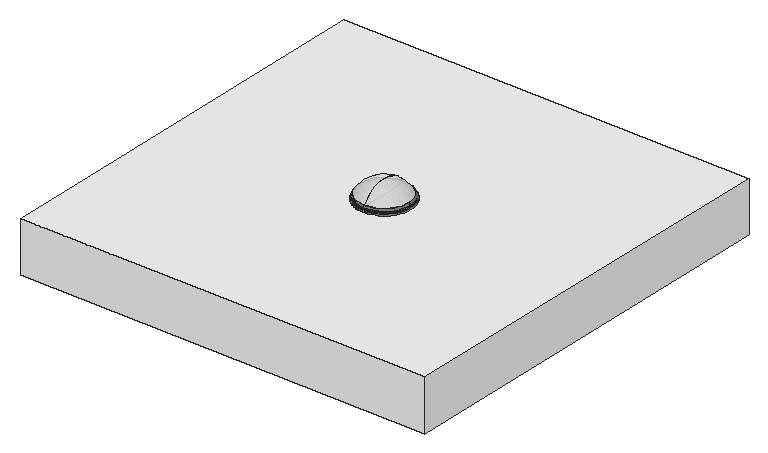
Revit family "Sarlam_Eclairage_Hublot_Astreo_T1_Anti_Vandale_Diam_330mm_1400Lm", category Luminaires, Revit 2020
Family settings
  Hôte = Face
  Cote de connecteur circulaire = Utiliser le diamètre
  Type d'élément = Normal
  Couper avec des vides une fois chargée = Non
  Source d'éclairage = Oui
  Partagée = Non
  Point de calcul de pièce = Non
Parameters (values of type "ON/OFF ANTHRACITE")
  Zone plafond formes 8à9 [instance] = and(Diamètre externe = 328 mm, or(Antivandale Forme 9), not([Afficher la zone de détection-pose murale]), [Afficher la zone de détection-pose plafond])  # no
  Zone murale formes 8à9 [instance] = and(Diamètre externe = 328 mm, or(Antivandale Forme 9), [Afficher la zone de détection-pose murale], not([Afficher la zone de détection-pose plafond]))  # no
  Zone de détection = ""
  URL = "http://www.legrandoc.com/SL532193"
  Type de variation = "Non régulable"
  Type de tension = "CA"
  Tension nominale (Un) V MIN = 207
  Tension nominale (Un) V MAX = 253
  built-in parameter 1150107 = 3200 (stored number, unit not read)
  Température de couleur K MIN = 4000
  Température de couleur K MAX = 4000
  Source lumineuse = "Led non interchangeable"
  Répartition lumineuse = "Symétrique"
  Puissance du système W = 15
  Puissance de la source lumineuse W = ""
  Puissance de la lampe en Multiwatt = "Autre"
  Wattage = 9.2903 W
  built-in parameter 1150110 = 1 (stored number, unit not read)
  built-in parameter 1150109 = 1 (stored number, unit not read)
  built-in parameter 1114218 = 1 (stored number, unit not read)
  built-in parameter 1150113 = 1 (stored number, unit not read)
  built-in parameter 1150112 = 1 (stored number, unit not read)
  built-in parameter 1150137 = (empty or 0)
  built-in parameter 1150132 = (empty or 0)
  Modèle = "SL-532193"
  Longueur d'encastrement = 0 mm
  Longueur = 328 mm
  Largeur d'encastrement = 328 mm
  Largeur = 328 mm
  built-in parameter 1150105 = 109.82 (stored number, unit not read)
  built-in parameter 1150102 = (empty or 0)
  Hauteur/profondeur d'encastrement = 0 mm
  Hauteur/profondeur = 107 mm
  Dimming Lamp Color Temperature Shift = (empty or 0)
  Lumens = 1380 lm
  Color Filter = 16777215
  Fichier de distribution photométrique = "SL532182.ies"
  built-in parameter 1114217 = 1 (stored number, unit not read)
  built-in parameter 1150139 = (empty or 0)
  Fabricant = "LEGRAND"
  Emettre à partir du diamètre du cercle = 250 mm
  Emettre la visibilité des formes dans le rendu = no
  built-in parameter 1150104 = 13.8 (stored number, unit not read)
  built-in parameter 1150106 = 1.0982 (stored number, unit not read)
  built-in parameter 1150115 = 1 (stored number, unit not read)
  built-in parameter 1150114 = 1 (stored number, unit not read)
  Diamètre externe = 328 mm
  Diamètre d'encastrement = 0 mm
  Description = "ASTREO 1400LM 4000K AV ON/OFF ANTHRACITE"
  built-in parameter 1150138 = (empty or 0)
  built-in parameter 1150134 = 3
  Condition Générale d'Utilisation = "https://export.legrand.com/CGU-objets-BIM"
  Angle de l'inclinaison = 0.00°
  Afficher la zone de détection-pose plafond [instance] = no
  Afficher la zone de détection-pose murale [instance] = no
  Matériau du boîtier/corps = Plastique
  Indice de rendu des couleurs CRI = "80-89"
  Indice de protection contre les chocs (IK) = "IK09"
  Indice de protection (IP) = "IP44"
  Flux lumineux utile lm = 1400
  Default Elevation = 2500 mm
  Douille = "Sans"
  Courant nominal mA MIN = 84
  Courant nominal mA MAX = 160
  Couleur du boîtier/corps = LEGRAND - Anthracite
  Classe de protection = "II"
  Avec détecteur de mouvement = no
  Avec détecteur crépusculaire = no
  Appareillage = "Appareil à LED commandé en courant"
  Antivandale Forme 9 = yes
  Angle du faisceau = "Faisceau libre"
  Afficher l'étiquette de zone [instance] = no
  Adapté à une suspension = no
  Adapté à un montage encastré = no
  Adapté à un montage en saillie = yes
  Adapté à un montage en applique = yes
  Adapté à un montage au plafond = yes
  built-in parameter 1150133 = 10 (stored number, unit not read)
Types (4, lengths in mm): name | Zone de détection | URL | Puissance du système W | Modèle | Description | Couleur du boîtier/corps | Avec détecteur de mouvement
  ON/OFF BLANC | "" | "http://www.legrandoc.com/SL532192" | 15 | "SL-532192" | "ASTREO 1400LM 4000K  AV ON/OFF BLANC" | LEGRAND - Blanc | no
  ON/OFF ANTHRACITE | "" | "http://www.legrandoc.com/SL532193" | 15 | "SL-532193" | "ASTREO 1400LM 4000K AV ON/OFF ANTHRACITE" | LEGRAND - Anthracite | no
  Détection BLANC | "Détection à 2.50m haut Plafond: Ø12m maxi Mur: Ellipse 10*8m" | "http://www.legrandoc.com/SL532197" | 16 | "SL-532197" | "ASTREO 1400LM 4000K  AV DETECTION BLANC" | LEGRAND - Blanc | yes
  Détection ANTHRACITE | "Détection à 2.50m haut Plafond: Ø12m maxi Mur: Ellipse 10*8m" | "http://www.legrandoc.com/SL532198" | 16 | "SL-532198" | "ASTREO 1400LM 4000K  AV DETECTION ANTHRACITE" | LEGRAND - Anthracite | yes
Reference planes
  plane 1 "Centre (avant/arrière)": y = 0
  plane 2: z = 0
  plane 3 "Centre (gauche/droite)": x = 0
  plane 4: z = 127
Forms (mm)
  Extrusion 1, solid, material "Blanc"
    sketch origin (0, 0, 0) x (1, 0, 0) y (0, 1, 0)
      loop
        line (-1219.2, 1219.2) -> (-1219.2, -1219.2) -> (1219.2, -1219.2) -> (1219.2, 1219.2) -> (-1219.2, 1219.2)
    from 0 to -304.8
Lines and regions (mm)
  model lines, not visible
    curve 1: line (0, 0, 0) -> (0, 0, 2230)
    curve 2: line (0, 0, 0) -> (0, 3300, 0)
    curve 3: line (0, 0, 0) -> (-2620, 0, 0)
Dimensions and locks
  level to plane 4 = 127 mm
  aligned and locked: plane 2 to Extrusion 1
  aligned and locked: level to Extrusion 1
  aligned and locked: imposter light to plane 4
  aligned and locked: plane 3 "Centre (gauche/droite)" to imposter light
Nested families
  nested 1: "Zone de détection murale Chartres-Astreo" at (0, 0, 0) x (0, 0, 1) z (0, -1, 0), visible <- "Afficher la zone de détection-pose murale", type "Zone de détection murale"
  nested 2: "Formes 1-2-3-4-6-7-8-9" at (0, 0, 0), type "Formes"
    with Antivandale Forme 9 yes
  nested 3: "Zone de détection plafond Chartres-Astreo" at (0, 0, 2500), visible <- "Afficher la zone de détection-pose plafond", type "Zone de détection plafond"
    with Zone plafond Formes 8à9 no
  nested 4: "Zone de détection murale Chartres-Astreo" at (0, 0, 0) x (0, 0, 1) z (1, 0, 0), visible <- "Afficher la zone de détection-pose murale", type "Zone de détection murale"
  nested 5: "Etiquette de zone" at (0, 194.459, 0) x (-1, 0, 0) z (0, 0, 1), visible <- "Afficher l'étiquette de zone", type "Etiquette de zone"
Connectors
  electrical at (0, 0, 0)
    settings: on nested 2, index 1, voltage 230 V, apparent load 0 VA, apparent load phase1 0 VA, apparent load phase2 0 VA, apparent load phase3 0 VA, power factor 1, load classification "Eclairage", number of poles 1, system type 30, power factor state 1, is connector primary yes, connector utility no, sub classification motor no, connector description ""
Definition of nested family "Formes 1-2-3-4-6-7-8-9"
  Parameters (values of type "Formes")
    Standard Forme 8 = no
    Standard Formes 1-3-6 = no
    Matériau hublot = none
    Matériau corps = none
    Fl = if(Diamètre total < 325 mm, 70 mm, if(Diamètre total = 328 mm, 107 mm, 90 mm))  # 107 mm
    Default Elevation = 0 mm
    Dimension hublot = if(Diamètre total = 300 mm, 121.1 mm, if(Diamètre total = 322 mm, 129.3 mm, if(Diamètre total = 328 mm, 148.6 mm, if(Diamètre total = 420 mm, 179.2 mm, 185.3 mm))))  # 148.6 mm
    Diamètre total = 328 mm
    Courbure = if(Diamètre total = 300 mm, 195.7 mm, if(Diamètre total = 322 mm, 220.2 mm, if(Diamètre total = 328 mm, 179.2 mm, if(Diamètre total = 420 mm, 290 mm, 307.8 mm))))  # 179.2 mm
    Couleur corps = none
    Antivandale Forme 9 = no
    Antivandale Formes 2-4-7 = no
  Reference planes
    plane 1 "Centre (avant/arrière)": y = 0
    plane 2: z = 0
    plane 3 "Centre (gauche/droite)": x = 0
    plane 4: y = 164
    plane 5: y = -164
    plane 6: y = 148.6
  Forms (mm)
    Revolve 1, solid, material <- "Matériau hublot"
      sketch origin (0, 0, 0) x (0, 0, -1) y (0, 1, 0)
        loop
          arc (-28, 148.6) -> (-86.03, 84.151) -> (-107, 0) r 179.2
          line (-107, 0) -> (-28, 0) -> (-28, 148.6)
        axis (-28, 0) -> (-107, 0)
      angle from 0 to 360
  Dimensions and locks
    equal spacing: plane 4, plane 1 "Centre (avant/arrière)", plane 5
    "Diamètre total": plane 4 to plane 5
    equal spacing: plane 5, plane 1 "Centre (avant/arrière)", plane 4
    "Dimension hublot": plane 1 "Centre (avant/arrière)" to plane 6
    "Fl": Revolve 1 sketch curve to plane 2
    "Courbure": radius of Revolve 1 sketch curve
    aligned and locked: level to plane 2
    aligned and locked: plane 6 to Revolve 1 sketch curve
    aligned and locked: plane 2 to nested 2
  Automatic sketch dimensions
    Revolve 1 sketch curve to plane 1 "Centre (avant/arrière)" = 0 mm  (x2)
    level to Revolve 1 sketch curve = 28 mm
    Revolve 1 sketch curve to Revolve 1 sketch curve = 1811.469 mm
    Revolve 1 sketch curve to Revolve 1 sketch curve = 1147.22 mm
  Nested families
    nested 1: "Corps standard Formes 1-3-6" at (0, 0, 0), visible <- "Standard Formes 1-3-6", type "Corps standard Formes 1-3-6"
      with Diamètre 328 mm
    nested 2: "Corps antivandale Formes 2-4-7" at (0, 0, 0), visible <- "Antivandale Formes 2-4-7", type "Corps antivandale Formes 2-4-7"
      with Diamètre 328 mm
    nested 3: "Corps standard Forme 8" at (0, 0, 0), visible <- "Standard Forme 8", type "Corps standard Forme 8"
    nested 4: "Corps antivandale Forme 9" at (0, 0, 0), visible <- "Antivandale Forme 9", type "Corps antivandale Forme 9"
  Definition of nested family "Corps standard Formes 1-3-6"
    Parameters (values of type "Corps standard")
      Matériau corps = none
      Default Elevation = 0 mm
      Couleur corps = none
      Diamètre = 322 mm
      Courbure = if(Diamètre < 400 mm, 195.7 mm, 290 mm)  # 195.7 mm
    Reference planes
      plane 1 "Centre (avant/arrière)": y = 0
      plane 2: z = 0
      plane 3 "Centre (gauche/droite)": x = 0
      plane 4: y = 161
      plane 5: y = -161
      plane 6: z = 28
    Forms (mm)
      Revolve 1, solid, material <- "Couleur corps"
        sketch origin (0, 0, 0) x (0, 0, -1) y (0, 1, 0)
          loop
            line (0, 0) -> (0, 161)
            arc (0, 161) -> (-14.55, 149.906) -> (-28, 137.502) r 195.7
            line (-28, 137.502) -> (-28, 0) -> (0, 0)
          axis (0, 0) -> (-28, 0)
        angle from 0 to 360
    Dimensions and locks
      equal spacing: plane 4, plane 1 "Centre (avant/arrière)", plane 5
      "Diamètre": plane 4 to plane 5
      equal spacing: plane 5, plane 1 "Centre (avant/arrière)", plane 4
      "Courbure": radius of Revolve 1 sketch curve
      aligned and locked: level to plane 2
      aligned and locked: plane 2 to Revolve 1  (x2)
      aligned and locked: Revolve 1 to plane 2
      aligned and locked: plane 6 to Revolve 1
    Automatic sketch dimensions
      Revolve 1 sketch curve to plane 1 "Centre (avant/arrière)" = 0 mm  (x3)
      Revolve 1 sketch curve to plane 6 = 0 mm
      Revolve 1 sketch curve to level = 0 mm
      Revolve 1 sketch curve to plane 4 = 0 mm
      plane 6 to Revolve 1 sketch curve = 1833.51 mm
      Revolve 1 sketch curve to Revolve 1 sketch curve = 1167.217 mm
  Definition of nested family "Corps antivandale Formes 2-4-7"
    Parameters (values of type "Corps antivandale")
      Rayon réseau vis = if(Diamètre < 400 mm, 137.2 mm, 193.2 mm)  # 137.2 mm
      Matériau corps = none
      Default Elevation = 0 mm
      Diamètre = 322 mm
      Courbure = if(Diamètre < 400 mm, 220.2 mm, 307.8 mm)  # 220.2 mm
      Couleur corps = none
    Reference planes
      plane 1 "Centre (avant/arrière)": y = 0
      plane 2: z = 0
      plane 3 "Centre (gauche/droite)": x = 0
      plane 4: y = 161
      plane 5: y = -161
      plane 6: z = 28
      plane 7: through (0, 0, 1200) normal (0.5, 0.866, 0)
      plane 8: through (0, 0, 1200) normal (0.5, -0.866, 0)
    Forms (mm)
      Revolve 1, solid, material <- "Couleur corps"
        sketch origin (0, 0, 0) x (0, 0, -1) y (0, 1, 0)
          loop
            line (0, 0) -> (0, 161)
            arc (0, 161) -> (-14.762, 145.835) -> (-28, 129.323) r 220.2
            line (-28, 129.323) -> (-28, 0) -> (0, 0)
          axis (0, 0) -> (-28, 0)
        angle from 0 to 360
      Extrusion 2, solid, material <- "Couleur corps"
        sketch origin (0, -0.04, 0) x (1, 0, 0) y (0, 1, 0)
          loop
            line (-4, 129.32) -> (-4, 137.3)
            arc (-4, 137.3) -> (0, 141.3) -> (4, 137.3) r 4
            line (4, 137.3) -> (4, 129.32)
            arc (4, 129.32) -> (5, 129.285) -> (6, 129.243) r 129.323
            line (6, 129.243) -> (6, 137.3)
            arc (6, 137.3) -> (0, 143.3) -> (-6, 137.3) r 6
            line (-6, 137.3) -> (-6, 129.243)
            arc (-6, 129.243) -> (-5, 129.285) -> (-4, 129.32) r 129.323
        from 15.189 to 28
      Extrusion 3, solid, material <- "Couleur corps"
        sketch origin (-0.035, 0.02, 0) x (-0.5, -0.866025, 0) y (0.866025, -0.5, 0)
          loop
            line (-4, 129.32) -> (-4, 137.3)
            arc (-4, 137.3) -> (0, 141.3) -> (4, 137.3) r 4
            line (4, 137.3) -> (4, 129.32)
            arc (4, 129.32) -> (5, 129.285) -> (6, 129.243) r 129.323
            line (6, 129.243) -> (6, 137.3)
            arc (6, 137.3) -> (0, 143.3) -> (-6, 137.3) r 6
            line (-6, 137.3) -> (-6, 129.243)
            arc (-6, 129.243) -> (-5, 129.285) -> (-4, 129.32) r 129.323
        from 15.189 to 28
      Extrusion 4, solid, material <- "Couleur corps"
        sketch origin (0.035, 0.02, 0) x (-0.5, 0.866025, 0) y (-0.866025, -0.5, 0)
          loop
            line (-4, 129.32) -> (-4, 137.3)
            arc (-4, 137.3) -> (0, 141.3) -> (4, 137.3) r 4
            line (4, 137.3) -> (4, 129.32)
            arc (4, 129.32) -> (5, 129.285) -> (6, 129.243) r 129.323
            line (6, 129.243) -> (6, 137.3)
            arc (6, 137.3) -> (0, 143.3) -> (-6, 137.3) r 6
            line (-6, 137.3) -> (-6, 129.243)
            arc (-6, 129.243) -> (-5, 129.285) -> (-4, 129.32) r 129.323
        from 15.189 to 28
      Revolve 5, solid
        sketch origin (0, 0.018, -12.656) x (0, 1, 0) y (0, 0, 1)
          loop
            line (136.525, 38.942) -> (136.525, 29.094) -> (136.962, 29.907) -> (137.751, 35.518) -> (140.148, 38.942) -> (136.525, 38.942)
          axis (136.525, 29.094) -> (136.525, 38.942)
        angle from 0 to 360
      Revolve 6, solid
        sketch origin (0.016, -0.009, -12.656) x (0.866025, -0.5, 0) y (0, 0, 1)
          loop
            line (136.525, 38.942) -> (136.525, 29.094) -> (136.962, 29.907) -> (137.751, 35.518) -> (140.148, 38.942) -> (136.525, 38.942)
          axis (136.525, 29.094) -> (136.525, 38.942)
        angle from 0 to 360
      Revolve 7, solid
        sketch origin (-0.016, -0.009, -12.656) x (-0.866025, -0.5, 0) y (0, 0, 1)
          loop
            line (136.525, 38.942) -> (136.525, 29.094) -> (136.962, 29.907) -> (137.751, 35.518) -> (140.148, 38.942) -> (136.525, 38.942)
          axis (136.525, 29.094) -> (136.525, 38.942)
        angle from 0 to 360
    Cuts and joins
      joined: Revolve 1, Extrusion 2
    Lines and regions (mm)
      model lines
        curve 1: line (-2.5, 136.543, 26.285) -> (2.5, 136.543, 26.285)
        curve 2: line (0, 138.995, 26.285) -> (0, 133.995, 26.285)
        curve 3: line (119.5, -66.107, 26.285) -> (117, -70.437, 26.285)
        curve 4: line (120.373, -69.497, 26.285) -> (116.043, -66.997, 26.285)
        curve 5: line (-117, -70.437, 26.285) -> (-119.5, -66.107, 26.285)
        curve 6: line (-120.373, -69.497, 26.285) -> (-116.043, -66.997, 26.285)
    Dimensions and locks
      equal spacing: plane 4, plane 1 "Centre (avant/arrière)", plane 5
      "Diamètre": plane 4 to plane 5
      equal spacing: plane 5, plane 1 "Centre (avant/arrière)", plane 4
      "Courbure": radius of Revolve 1 sketch curve
      "Rayon réseau vis": radius of radial array
      aligned and locked: level to plane 2
      aligned and locked: plane 2 to Revolve 1  (x2)
      aligned and locked: Revolve 1 to plane 2
      aligned and locked: plane 6 to Revolve 1
    Automatic sketch dimensions
      Extrusion 2 sketch curve to Extrusion 2 sketch curve = 0 mm  (x9)
      Extrusion 2 sketch curve to Extrusion 2 sketch curve = 7.98 mm
      Extrusion 2 sketch curve to Extrusion 2 sketch curve = 0.077 mm
      Extrusion 2 sketch curve to Extrusion 2 sketch curve = 2 mm
      Extrusion 2 sketch curve to Extrusion 2 sketch curve = 4 mm
      Extrusion 2 sketch curve to Extrusion 2 sketch curve = 6 mm
      Extrusion 3 sketch curve to Extrusion 3 sketch curve = 0 mm  (x9)
      Extrusion 3 sketch curve to Extrusion 3 sketch curve = 7.98 mm
      Extrusion 3 sketch curve to Extrusion 3 sketch curve = 0.077 mm
      Extrusion 3 sketch curve to Extrusion 3 sketch curve = 2 mm
      Extrusion 3 sketch curve to Extrusion 3 sketch curve = 4 mm
      Extrusion 3 sketch curve to Extrusion 3 sketch curve = 6 mm
      Extrusion 4 sketch curve to Extrusion 4 sketch curve = 0 mm  (x9)
      Extrusion 4 sketch curve to Extrusion 4 sketch curve = 7.98 mm
      Extrusion 4 sketch curve to Extrusion 4 sketch curve = 0.077 mm
      Extrusion 4 sketch curve to Extrusion 4 sketch curve = 2 mm
      Extrusion 4 sketch curve to Extrusion 4 sketch curve = 4 mm
      Extrusion 4 sketch curve to Extrusion 4 sketch curve = 6 mm
      Revolve 7 sketch curve to Revolve 7 sketch curve = 0.437 mm  (x2)
      Revolve 7 sketch curve to Revolve 7 sketch curve = 1.226 mm  (x2)
      Revolve 7 sketch curve to Revolve 7 sketch curve = 2.397 mm
      Revolve 7 sketch curve to Revolve 7 sketch curve = 0.813 mm  (x2)
      Revolve 7 sketch curve to Revolve 7 sketch curve = 5.611 mm  (x2)
      Revolve 7 sketch curve to Revolve 7 sketch curve = 3.424 mm  (x2)
      Revolve 7 sketch curve to Revolve 7 sketch curve = 0 mm  (x2)
      Revolve 7 sketch curve to Revolve 7 sketch curve = 0.975 mm
      Revolve 7 sketch curve to Revolve 7 sketch curve = 3.281 mm  (x2)
      Revolve 5 sketch curve to Revolve 5 sketch curve = 0.437 mm  (x2)
      Revolve 5 sketch curve to Revolve 5 sketch curve = 1.226 mm  (x2)
      Revolve 5 sketch curve to Revolve 5 sketch curve = 3.623 mm
      Revolve 5 sketch curve to Revolve 5 sketch curve = 5.611 mm  (x2)
      Revolve 5 sketch curve to Revolve 5 sketch curve = 3.424 mm  (x2)
      Revolve 5 sketch curve to Revolve 5 sketch curve = 0 mm  (x2)
      Revolve 5 sketch curve to Revolve 5 sketch curve = 0.813 mm  (x2)
      Revolve 5 sketch curve to Revolve 5 sketch curve = 0.162 mm
      Revolve 5 sketch curve to Revolve 5 sketch curve = 3.281 mm  (x2)
      Revolve 6 sketch curve to Revolve 6 sketch curve = 0.437 mm  (x2)
      Revolve 6 sketch curve to Revolve 6 sketch curve = 1.226 mm  (x2)
      Revolve 6 sketch curve to Revolve 6 sketch curve = 3.623 mm
      Revolve 6 sketch curve to Revolve 6 sketch curve = 5.611 mm  (x2)
      Revolve 6 sketch curve to Revolve 6 sketch curve = 3.424 mm  (x2)
      Revolve 6 sketch curve to Revolve 6 sketch curve = 0 mm  (x2)
      Revolve 6 sketch curve to Revolve 6 sketch curve = 0.813 mm  (x2)
      Revolve 6 sketch curve to Revolve 6 sketch curve = 0.162 mm
      Revolve 6 sketch curve to Revolve 6 sketch curve = 3.281 mm  (x2)
      Revolve 7 sketch curve to Revolve 7 sketch curve = 3.623 mm
      Revolve 7 sketch curve to Revolve 7 sketch curve = 0.162 mm
      curve 2 to Revolve 5 = 0 mm
      curve 2 to curve 1 = 2.548 mm
      curve 1 to curve 2 = 2.452 mm
      Revolve 5 to curve 1 = 2.5 mm
      curve 1 to Revolve 5 = 2.5 mm
      curve 4 to Revolve 6 = 0 mm
      curve 4 to curve 3 = 2.548 mm
      curve 3 to curve 4 = 2.452 mm
      Revolve 6 to curve 3 = 2.5 mm
      curve 3 to Revolve 6 = 2.5 mm
      curve 6 to Revolve 7 = 0 mm
      curve 6 to curve 5 = 2.548 mm
      curve 5 to curve 6 = 2.452 mm
      Revolve 7 to curve 5 = 2.5 mm
      curve 5 to Revolve 7 = 2.5 mm
      Revolve 5 sketch curve to Revolve 5 sketch curve = 2.397 mm
      Revolve 5 sketch curve to Revolve 5 sketch curve = 0.975 mm
      Revolve 6 sketch curve to Revolve 6 sketch curve = 2.397 mm
      Revolve 6 sketch curve to Revolve 6 sketch curve = 0.975 mm
      Revolve 1 sketch curve to plane 1 "Centre (avant/arrière)" = 0 mm  (x3)
      Revolve 1 sketch curve to plane 6 = 0 mm
      Revolve 1 sketch curve to level = 0 mm
      Revolve 1 sketch curve to plane 4 = 0 mm
      plane 6 to Revolve 1 sketch curve = 1833.51 mm
      Revolve 1 sketch curve to Revolve 1 sketch curve = 1128.321 mm
  Definition of nested family "Corps standard Forme 8"
    Parameters (values of type "Corps standard Forme 8")
      Matériau corps = none
      Default Elevation = 0 mm
      Couleur corps = none
      Diamètre = 328 mm
    Reference planes
      plane 1 "Centre (avant/arrière)": y = 0
      plane 2: z = 0
      plane 3 "Centre (gauche/droite)": x = 0
      plane 4: y = 164
      plane 5: y = -164
      plane 6: z = 28
      plane 7: y = 7.5
      plane 8: y = -7.5
    Forms (mm)
      Revolve 1, solid, material <- "Couleur corps"
        sketch origin (0, 0, 0) x (0, 0, -1) y (0, 1, 0)
          loop
            line (0, 0) -> (0, 164)
            arc (0, 164) -> (-14.345, 156.905) -> (-28, 148.559) r 179.182
            line (-28, 148.559) -> (-28, 0) -> (0, 0)
          axis (0, 0) -> (-28, 0)
        angle from 0 to 360
      Sweep 2, void
        path origin (0, 0, 0) x (1, 0, 0) y (0, 1, 0)
          loop
            arc (153.049, 7.5) -> (0, 153.232) -> (-153.049, 7.5) r 153.232
        profile origin (0, 153.232, 0) x (0, -1, 0) y (0, 0, 1)
          loop
            line (-5.469, 6.213) -> (-10.469, 16.465) -> (-10.469, 6.213) -> (-5.469, 6.213)
      Sweep 3, void
        path origin (0, 0, 0) x (1, 0, 0) y (0, 1, 0)
          loop
            arc (153.049, 7.5) -> (0, 153.232) -> (-153.049, 7.5) r 153.232
        profile origin (0, 153.232, 0) x (0, -1, 0) y (0, 0, 1)
          loop
            line (-1.643, 13.471) -> (-6.643, 23.723) -> (-6.643, 13.471) -> (-1.643, 13.471)
      Sweep 4, void
        path origin (0, 0, 0) x (1, 0, 0) y (0, -1, 0)
          loop
            arc (153.049, 7.5) -> (0, 153.232) -> (-153.049, 7.5) r 153.232
        profile origin (0, -153.232, 0) x (0, -1, 0) y (0, 0, 1)
          loop
            line (1.643, 13.471) -> (6.643, 13.471) -> (6.643, 23.723) -> (1.643, 13.471)
      Sweep 5, void
        path origin (0, 0, 0) x (1, 0, 0) y (0, -1, 0)
          loop
            arc (153.049, 7.5) -> (0, 153.232) -> (-153.049, 7.5) r 153.232
        profile origin (0, -153.232, 0) x (0, -1, 0) y (0, 0, 1)
          loop
            line (5.469, 6.213) -> (10.469, 6.213) -> (10.469, 16.465) -> (5.469, 6.213)
    Cuts and joins
      Sweep 2, Sweep 3, Sweep 4, Sweep 5 cuts Revolve 1
    Dimensions and locks
      equal spacing: plane 4, plane 1 "Centre (avant/arrière)", plane 5
      "Diamètre": plane 4 to plane 5
      equal spacing: plane 5, plane 1 "Centre (avant/arrière)", plane 4
      aligned and locked: level to plane 2
      aligned and locked: plane 2 to Revolve 1  (x2)
      aligned and locked: Revolve 1 to plane 2
      aligned and locked: plane 6 to Revolve 1
    Automatic sketch dimensions
      Sweep 2 sketch curve to plane 7 = 0 mm  (x2)
      plane 1 "Centre (avant/arrière)" to Sweep 2 sketch curve = 0 mm
      Sweep 2 sketch curve to plane 3 "Centre (gauche/droite)" = 0 mm
      Sweep 2 sketch curve to plane 3 "Centre (gauche/droite)" = 153.049 mm
      Sweep 3 sketch curve to plane 7 = 0 mm  (x2)
      plane 1 "Centre (avant/arrière)" to Sweep 3 sketch curve = 0 mm
      Sweep 3 sketch curve to plane 3 "Centre (gauche/droite)" = 0 mm
      Sweep 3 sketch curve to plane 3 "Centre (gauche/droite)" = 153.049 mm
      Sweep 4 sketch curve to plane 8 = 0 mm  (x2)
      plane 1 "Centre (avant/arrière)" to Sweep 4 sketch curve = 0 mm
      Sweep 4 sketch curve to plane 3 "Centre (gauche/droite)" = 0 mm
      plane 3 "Centre (gauche/droite)" to Sweep 4 sketch curve = 153.049 mm
      Sweep 5 sketch curve to plane 8 = 0 mm  (x2)
      plane 1 "Centre (avant/arrière)" to Sweep 5 sketch curve = 0 mm
      Sweep 5 sketch curve to plane 3 "Centre (gauche/droite)" = 0 mm
      plane 3 "Centre (gauche/droite)" to Sweep 5 sketch curve = 153.049 mm
      Revolve 1 sketch curve to plane 1 "Centre (avant/arrière)" = 0 mm  (x3)
      Revolve 1 sketch curve to plane 6 = 0 mm
      Revolve 1 sketch curve to level = 0 mm
      Revolve 1 sketch curve to plane 4 = 0 mm
      Revolve 1 sketch curve to Revolve 1 sketch curve = 72.182 mm
      plane 6 to Revolve 1 sketch curve = 1833.51 mm
      Revolve 1 sketch curve to Revolve 1 sketch curve = 1201.817 mm
      profile plane to Sweep 2 sketch curve = 10.469 mm
      Sweep 2 sketch curve to Sweep 2 sketch curve = 5 mm
      level to Sweep 2 sketch curve = 6.213 mm
      Sweep 2 sketch curve to Sweep 2 sketch curve = 10.252 mm
      profile plane to Sweep 3 sketch curve = 6.643 mm
      profile plane to Sweep 3 sketch curve = 1.643 mm
      level to Sweep 3 sketch curve = 13.471 mm
      Sweep 3 sketch curve to Sweep 3 sketch curve = 10.252 mm
      Sweep 4 sketch curve to profile plane = 1.643 mm
      Sweep 4 sketch curve to profile plane = 6.643 mm
      level to Sweep 4 sketch curve = 13.471 mm
      Sweep 4 sketch curve to Sweep 4 sketch curve = 10.252 mm
      Sweep 5 sketch curve to profile plane = 5.469 mm
      Sweep 5 sketch curve to profile plane = 10.469 mm
      level to Sweep 5 sketch curve = 6.213 mm
      Sweep 5 sketch curve to Sweep 5 sketch curve = 10.252 mm
  Definition of nested family "Corps antivandale Forme 9"
    Parameters (values of type "Corps antivandale Forme 9")
      Matériau corps = none
      Default Elevation = 0 mm
      Couleur corps = none
      Diamètre = 328 mm
    Reference planes
      plane 1 "Centre (avant/arrière)": y = 0
      plane 2: z = 0
      plane 3 "Centre (gauche/droite)": x = 0
      plane 4: y = 164
      plane 5: y = -164
      plane 6: z = 28
      plane 7: y = 7.5
      plane 8: y = -7.5
    Forms (mm)
      Revolve 1, solid, material <- "Couleur corps"
        sketch origin (0, 0, 0) x (0, 0, -1) y (0, 1, 0)
          loop
            line (0, 0) -> (0, 164)
            arc (0, 164) -> (-14.345, 156.905) -> (-28, 148.559) r 179.182
            line (-28, 148.559) -> (-28, 0) -> (0, 0)
          axis (0, 0) -> (-28, 0)
        angle from 0 to 360
      Extrusion 2, void
        sketch origin (-1.406, 0, 0) x (1, 0, 0) y (0, 1, 0)
          loop
            circle (157.486, 0) r 5
        from 5.665 to 28
      Sweep 3, void
        path origin (0, 0, 0) x (1, 0, 0) y (0, 1, 0)
          loop
            arc (153.049, 7.5) -> (0, 153.232) -> (-153.049, 7.5) r 153.232
        profile origin (0, 153.232, 0) x (0, -1, 0) y (0, 0, 1)
          loop
            line (-5.469, 6.213) -> (-10.469, 16.465) -> (-10.469, 6.213) -> (-5.469, 6.213)
      Extrusion 4, void
        sketch origin (1.406, 0, 0) x (-1, 0, 0) y (0, -1, 0)
          loop
            circle (157.486, 0) r 5
        from 5.665 to 28
      Sweep 5, void
        path origin (0, 0, 0) x (1, 0, 0) y (0, 1, 0)
          loop
            arc (153.049, 7.5) -> (0, 153.232) -> (-153.049, 7.5) r 153.232
        profile origin (0, 153.232, 0) x (0, -1, 0) y (0, 0, 1)
          loop
            line (-1.643, 13.471) -> (-6.643, 23.723) -> (-6.643, 13.471) -> (-1.643, 13.471)
      Sweep 6, void
        path origin (0, 0, 0) x (1, 0, 0) y (0, -1, 0)
          loop
            arc (153.049, 7.5) -> (0, 153.232) -> (-153.049, 7.5) r 153.232
        profile origin (0, -153.232, 0) x (0, -1, 0) y (0, 0, 1)
          loop
            line (1.643, 13.471) -> (6.643, 13.471) -> (6.643, 23.723) -> (1.643, 13.471)
      Sweep 7, void
        path origin (0, 0, 0) x (1, 0, 0) y (0, -1, 0)
          loop
            arc (153.049, 7.5) -> (0, 153.232) -> (-153.049, 7.5) r 153.232
        profile origin (0, -153.232, 0) x (0, -1, 0) y (0, 0, 1)
          loop
            line (5.469, 6.213) -> (10.469, 6.213) -> (10.469, 16.465) -> (5.469, 6.213)
      Revolve 8, solid
        sketch origin (-156.149, -136.533, -30.469) x (0, 1, 0) y (0, 0, 1)
          loop
            line (136.525, 38.942) -> (136.525, 31.651) -> (137.319, 32.445) -> (137.923, 36.741) -> (139.106, 38.942) -> (136.525, 38.942)
          axis (136.525, 31.651) -> (136.525, 38.942)
        angle from 0 to 360
      Revolve 9, solid
        sketch origin (156.149, -136.533, -30.469) x (0, 1, 0) y (0, 0, -1)
          loop
            line (136.525, -38.942) -> (139.106, -38.942) -> (137.923, -36.741) -> (137.319, -32.445) -> (136.525, -31.651) -> (136.525, -38.942)
          axis (136.525, -31.651) -> (136.525, -38.942)
        angle from 0 to 360
    Cuts and joins
      Extrusion 2, Sweep 3, Extrusion 4, Sweep 5, Sweep 6, Sweep 7 cuts Revolve 1
    Lines and regions (mm)
      model lines
        curve 1: line (-156.149, 1.39, 8.473) -> (-156.149, -1.406, 8.473)
        curve 2: line (-157.503, 0, 8.473) -> (-154.615, 0, 8.473)
        curve 3: line (156.149, 1.39, 8.473) -> (156.149, -1.406, 8.473)
        curve 4: line (157.503, 0, 8.473) -> (154.615, 0, 8.473)
    Dimensions and locks
      equal spacing: plane 4, plane 1 "Centre (avant/arrière)", plane 5
      "Diamètre": plane 4 to plane 5
      equal spacing: plane 5, plane 1 "Centre (avant/arrière)", plane 4
      aligned and locked: level to plane 2
      aligned and locked: plane 2 to Revolve 1  (x2)
      aligned and locked: Revolve 1 to plane 2
      aligned and locked: plane 6 to Revolve 1
    Automatic sketch dimensions
      plane 1 "Centre (avant/arrière)" to Extrusion 2 sketch curve = 0 mm
      plane 3 "Centre (gauche/droite)" to Extrusion 2 sketch curve = 156.08 mm
      Sweep 3 sketch curve to plane 7 = 0 mm  (x2)
      plane 1 "Centre (avant/arrière)" to Sweep 3 sketch curve = 0 mm
      Sweep 3 sketch curve to plane 3 "Centre (gauche/droite)" = 0 mm
      Sweep 3 sketch curve to plane 3 "Centre (gauche/droite)" = 153.049 mm
      plane 1 "Centre (avant/arrière)" to Extrusion 4 sketch curve = 0 mm
      plane 3 "Centre (gauche/droite)" to Extrusion 4 sketch curve = 156.08 mm
      Sweep 5 sketch curve to plane 7 = 0 mm  (x2)
      plane 1 "Centre (avant/arrière)" to Sweep 5 sketch curve = 0 mm
      Sweep 5 sketch curve to plane 3 "Centre (gauche/droite)" = 0 mm
      Sweep 5 sketch curve to plane 3 "Centre (gauche/droite)" = 153.049 mm
      Sweep 6 sketch curve to plane 8 = 0 mm  (x2)
      plane 1 "Centre (avant/arrière)" to Sweep 6 sketch curve = 0 mm
      Sweep 6 sketch curve to plane 3 "Centre (gauche/droite)" = 0 mm
      plane 3 "Centre (gauche/droite)" to Sweep 6 sketch curve = 153.049 mm
      Sweep 7 sketch curve to plane 8 = 0 mm  (x2)
      plane 1 "Centre (avant/arrière)" to Sweep 7 sketch curve = 0 mm
      Sweep 7 sketch curve to plane 3 "Centre (gauche/droite)" = 0 mm
      plane 3 "Centre (gauche/droite)" to Sweep 7 sketch curve = 153.049 mm
      Revolve 1 sketch curve to plane 1 "Centre (avant/arrière)" = 0 mm  (x3)
      Revolve 1 sketch curve to plane 6 = 0 mm
      Revolve 1 sketch curve to level = 0 mm
      Revolve 1 sketch curve to plane 4 = 0 mm
      Revolve 1 sketch curve to Revolve 1 sketch curve = 72.182 mm
      plane 6 to Revolve 1 sketch curve = 1833.51 mm
      Revolve 1 sketch curve to Revolve 1 sketch curve = 1201.817 mm
      profile plane to Sweep 3 sketch curve = 10.469 mm
      Sweep 3 sketch curve to Sweep 3 sketch curve = 5 mm
      level to Sweep 3 sketch curve = 6.213 mm
      Sweep 3 sketch curve to Sweep 3 sketch curve = 10.252 mm
      profile plane to Sweep 5 sketch curve = 6.643 mm
      profile plane to Sweep 5 sketch curve = 1.643 mm
      level to Sweep 5 sketch curve = 13.471 mm
      Sweep 5 sketch curve to Sweep 5 sketch curve = 10.252 mm
      Sweep 6 sketch curve to profile plane = 1.643 mm
      Sweep 6 sketch curve to profile plane = 6.643 mm
      level to Sweep 6 sketch curve = 13.471 mm
      Sweep 6 sketch curve to Sweep 6 sketch curve = 10.252 mm
      Sweep 7 sketch curve to profile plane = 5.469 mm
      Sweep 7 sketch curve to profile plane = 10.469 mm
      level to Sweep 7 sketch curve = 6.213 mm
      Sweep 7 sketch curve to Sweep 7 sketch curve = 10.252 mm
      plane 1 "Centre (avant/arrière)" to Revolve 8 sketch curve = 0.008 mm  (x2)
      Revolve 8 sketch curve to plane 1 "Centre (avant/arrière)" = 0.786 mm
      Revolve 8 sketch curve to plane 1 "Centre (avant/arrière)" = 1.39 mm
      Revolve 8 sketch curve to Revolve 8 sketch curve = 1.183 mm
      level to Revolve 8 sketch curve = 1.183 mm
      Revolve 8 sketch curve to Revolve 8 sketch curve = 0.794 mm
      Revolve 8 sketch curve to Revolve 8 sketch curve = 4.296 mm
      Revolve 8 sketch curve to Revolve 8 sketch curve = 2.201 mm
      Revolve 8 sketch curve to level = 0.4 mm
      Revolve 8 sketch curve to Revolve 8 sketch curve = 3.281 mm
      plane 1 "Centre (avant/arrière)" to Revolve 9 sketch curve = 0.008 mm  (x2)
      Revolve 9 sketch curve to plane 1 "Centre (avant/arrière)" = 0.786 mm
      Revolve 9 sketch curve to plane 1 "Centre (avant/arrière)" = 1.39 mm
      Revolve 9 sketch curve to Revolve 9 sketch curve = 1.183 mm
      level to Revolve 9 sketch curve = 8.473 mm
      Revolve 9 sketch curve to Revolve 9 sketch curve = 2.201 mm
      level to Revolve 9 sketch curve = 1.977 mm
      Revolve 9 sketch curve to Revolve 9 sketch curve = 0.794 mm
      Revolve 9 sketch curve to Revolve 9 sketch curve = 3.281 mm
      Revolve 9 sketch curve to level = 0.4 mm
      curve 1 to Revolve 8 = 0 mm
      curve 1 to curve 3 = 0 mm
      curve 1 to curve 2 = 1.406 mm
      curve 3 to curve 4 = 1.406 mm
      curve 4 to curve 3 = 1.39 mm
      curve 2 to curve 1 = 1.39 mm
      Revolve 8 to curve 2 = 1.534 mm
      curve 4 to curve 2 = 309.23 mm
      curve 3 to curve 4 = 1.534 mm
      curve 4 to curve 3 = 1.354 mm
      curve 2 to Revolve 8 = 1.354 mm
      radius of Extrusion 2 sketch curve = 5 mm
      radius of Extrusion 4 sketch curve = 5 mm
Definition of nested family "Zone de détection murale Chartres-Astreo"
  Parameters (values of type "Zone de détection murale")
    Zone murale Formes 8à9 = no
    Zone murale Formes 1à7 = no
  Reference planes
    plane 1 "Centre (avant/arrière)": y = 0
    plane 2: z = 0
    plane 3 "Centre (gauche/droite)": x = 0
    plane 4: x = 3500
    plane 5: y = 1000
    plane 6: x = 10000
    plane 7: y = 3500
    plane 8: x = 13000
    plane 9: y = 4000
    plane 10: x = 17000
    plane 11: y = 8000
    plane 12: x = 6000
    plane 13: x = 8000
  Lines and regions (mm)
    detail lines, in view "Niveau de réf.", visible <- "Zone murale Formes 1à7"
      curve 1: spline (0, 0, 0) -> (59.63, 258.819, 0) -> (234.456, 500, 0) -> (512.563, 707.107, 0) -> (875, 866.025, 0) -> (1297.067, 965.926, 0) -> (1750, 1000, 0) -> (2202.933, 965.926, 0) -> (2625, 866.025, 0) -> (2987.437, 707.107, 0) -> (3265.544, 500, 0) -> (3440.37, 258.819, 0) -> (3500, 0, 0) -> (3440.37, -258.819, 0) -> (3265.544, -500, 0) -> (2987.437, -707.107, 0) -> (2625, -866.025, 0) -> (2202.933, -965.926, 0) -> (1750, -1000, 0) -> (1297.067, -965.926, 0) -> (875, -866.025, 0) -> (512.563, -707.107, 0) -> (234.456, -500, 0) -> (59.63, -258.819, 0) -> (0, 0, 0)
      curve 2: spline (0, 0, 0) -> (170.371, 905.867, 0) -> (669.873, 1750, 0) -> (1464.466, 2474.874, 0) -> (2500, 3031.089, 0) -> (3705.905, 3380.74, 0) -> (5000, 3500, 0) -> (6294.095, 3380.74, 0) -> (7500, 3031.089, 0) -> (8535.534, 2474.874, 0) -> (9330.127, 1750, 0) -> (9829.629, 905.867, 0) -> (10000, 0, 0) -> (9829.629, -905.867, 0) -> (9330.127, -1750, 0) -> (8535.534, -2474.874, 0) -> (7500, -3031.089, 0) -> (6294.095, -3380.74, 0) -> (5000, -3500, 0) -> (3705.905, -3380.74, 0) -> (2500, -3031.089, 0) -> (1464.466, -2474.874, 0) -> (669.873, -1750, 0) -> (170.371, -905.867, 0) -> (0, 0, 0)
      curve 3: spline (0, 0, 0) -> (221.482, 1035.276, 0) -> (870.835, 2000, 0) -> (1903.806, 2828.427, 0) -> (3250, 3464.102, 0) -> (4817.676, 3863.703, 0) -> (6500, 4000, 0) -> (8182.324, 3863.703, 0) -> (9750, 3464.102, 0) -> (11096.194, 2828.427, 0) -> (12129.165, 2000, 0) -> (12778.518, 1035.276, 0) -> (13000, 0, 0) -> (12778.518, -1035.276, 0) -> (12129.165, -2000, 0) -> (11096.194, -2828.427, 0) -> (9750, -3464.102, 0) -> (8182.324, -3863.703, 0) -> (6500, -4000, 0) -> (4817.676, -3863.703, 0) -> (3250, -3464.102, 0) -> (1903.806, -2828.427, 0) -> (870.835, -2000, 0) -> (221.482, -1035.276, 0) -> (0, 0, 0)
      curve 4: spline (0, 0, 0) -> (289.63, 2070.552, 0) -> (1138.784, 4000, 0) -> (2489.592, 5656.854, 0) -> (4250, 6928.203, 0) -> (6300.038, 7727.407, 0) -> (8500, 8000, 0) -> (10699.962, 7727.407, 0) -> (12750, 6928.203, 0) -> (14510.408, 5656.854, 0) -> (15861.216, 4000, 0) -> (16710.37, 2070.552, 0) -> (17000, 0, 0) -> (16710.37, -2070.552, 0) -> (15861.216, -4000, 0) -> (14510.408, -5656.854, 0) -> (12750, -6928.203, 0) -> (10699.962, -7727.407, 0) -> (8500, -8000, 0) -> (6300.038, -7727.407, 0) -> (4250, -6928.203, 0) -> (2489.592, -5656.854, 0) -> (1138.784, -4000, 0) -> (289.63, -2070.552, 0) -> (0, 0, 0)
    detail lines, in view "Niveau de réf.", visible <- "Zone murale Formes 8à9"
      curve 5: spline (0, 0, 0) -> (102.223, 258.819, 0) -> (401.924, 500, 0) -> (878.68, 707.107, 0) -> (1500, 866.025, 0) -> (2223.543, 965.926, 0) -> (3000, 1000, 0) -> (3776.457, 965.926, 0) -> (4500, 866.025, 0) -> (5121.32, 707.107, 0) -> (5598.076, 500, 0) -> (5897.777, 258.819, 0) -> (6000, 0, 0) -> (5897.777, -258.819, 0) -> (5598.076, -500, 0) -> (5121.32, -707.107, 0) -> (4500, -866.025, 0) -> (3776.457, -965.926, 0) -> (3000, -1000, 0) -> (2223.543, -965.926, 0) -> (1500, -866.025, 0) -> (878.68, -707.107, 0) -> (401.924, -500, 0) -> (102.223, -258.819, 0) -> (0, 0, 0)
      curve 6: spline (0, 0, 0) -> (136.297, 647.048, 0) -> (535.898, 1250, 0) -> (1171.573, 1767.767, 0) -> (2000, 2165.064, 0) -> (2964.724, 2414.815, 0) -> (4000, 2500, 0) -> (5035.276, 2414.815, 0) -> (6000, 2165.064, 0) -> (6828.427, 1767.767, 0) -> (7464.102, 1250, 0) -> (7863.703, 647.048, 0) -> (8000, 0, 0) -> (7863.703, -647.048, 0) -> (7464.102, -1250, 0) -> (6828.427, -1767.767, 0) -> (6000, -2165.064, 0) -> (5035.276, -2414.815, 0) -> (4000, -2500, 0) -> (2964.724, -2414.815, 0) -> (2000, -2165.064, 0) -> (1171.573, -1767.767, 0) -> (535.898, -1250, 0) -> (136.297, -647.048, 0) -> (0, 0, 0)
      curve 7: spline (0, 0, 0) -> (170.371, 1035.276, 0) -> (669.873, 2000, 0) -> (1464.466, 2828.427, 0) -> (2500, 3464.102, 0) -> (3705.905, 3863.703, 0) -> (5000, 4000, 0) -> (6294.095, 3863.703, 0) -> (7500, 3464.102, 0) -> (8535.534, 2828.427, 0) -> (9330.127, 2000, 0) -> (9829.629, 1035.276, 0) -> (10000, 0, 0) -> (9829.629, -1035.276, 0) -> (9330.127, -2000, 0) -> (8535.534, -2828.427, 0) -> (7500, -3464.102, 0) -> (6294.095, -3863.703, 0) -> (5000, -4000, 0) -> (3705.905, -3863.703, 0) -> (2500, -3464.102, 0) -> (1464.466, -2828.427, 0) -> (669.873, -2000, 0) -> (170.371, -1035.276, 0) -> (0, 0, 0)
  Dimensions and locks
    plane 3 "Centre (gauche/droite)" to plane 4 = 3500 mm
    plane 1 "Centre (avant/arrière)" to plane 5 = 1000 mm
    plane 3 "Centre (gauche/droite)" to plane 6 = 10000 mm
    plane 7 to plane 1 "Centre (avant/arrière)" = 3500 mm
    plane 3 "Centre (gauche/droite)" to plane 8 = 13000 mm
    plane 1 "Centre (avant/arrière)" to plane 9 = 4000 mm
    plane 3 "Centre (gauche/droite)" to plane 10 = 17000 mm
    plane 1 "Centre (avant/arrière)" to plane 11 = 8000 mm
    plane 3 "Centre (gauche/droite)" to plane 12 = 6000 mm
    plane 3 "Centre (gauche/droite)" to plane 13 = 8000 mm
Definition of nested family "Zone de détection plafond Chartres-Astreo"
  Parameters (values of type "Zone de détection plafond")
    Zone plafond Formes 8à9 = yes
    Zone plafond Formes 1à7 = no
  Reference planes
    plane 1 "Centre (avant/arrière)": y = 0
    plane 2: z = 0
    plane 3 "Centre (gauche/droite)": x = 0
  Lines and regions (mm)
    detail lines, in view "Niveau de réf.", visible <- "Zone plafond Formes 1à7"
      curve 1: circle (0, 0, 0) r 500 normal (0, 0, 1)
      curve 2: circle (0, 0, 0) r 1000 normal (0, 0, 1)
      curve 3: circle (0, 0, 0) r 2000 normal (0, 0, 1)
      curve 4: circle (0, 0, 0) r 3000 normal (0, 0, 1)
    detail lines, in view "Niveau de réf.", visible <- "Zone plafond Formes 8à9"
      curve 5: circle (0, 0, 0) r 1500 normal (0, 0, 1)
      curve 6: circle (0, 0, 0) r 4000 normal (0, 0, 1)
      curve 7: circle (0, 0, 0) r 6000 normal (0, 0, 1)
Definition of nested family "Etiquette de zone"
  Parameters (values of type "Etiquette de zone")
    Etiquette de zone = ""
  Reference planes
    plane 1: y = 0
    plane 2: x = 0
  Text (mm)
    label "Etiquette de zone" at (0.013, -4.46, 0), shows "Etiquette de zone"
